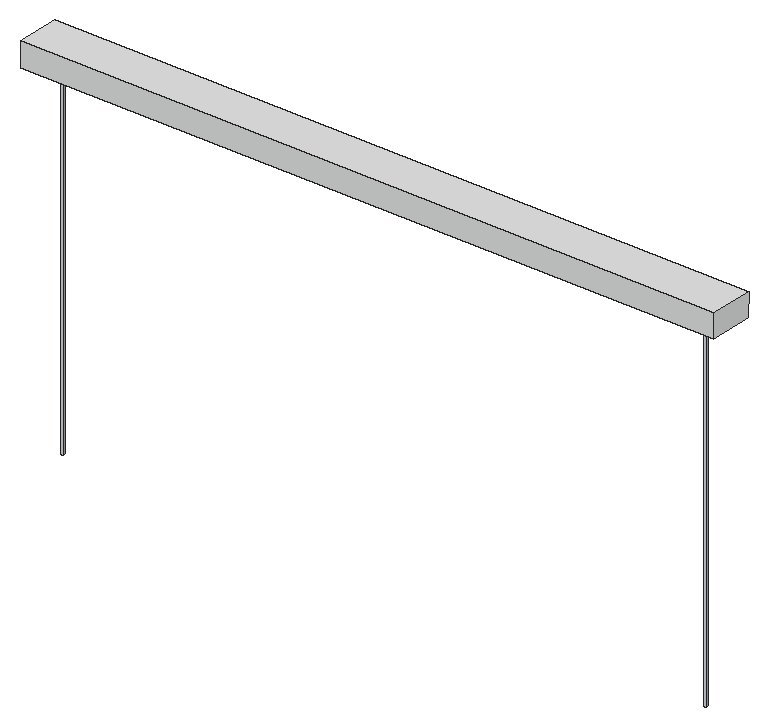
Revit family "Lighting-Suspended-Amerlux-Linea 1.5 ", category Lighting Fixtures, host Face, Revit 2019
Family settings
  Host = Face
  Round Connector Dimension = Use Diameter
  Part Type = Normal
  Cut with Voids When Loaded = No
  Light Source = Yes
  Shared = No
  Room Calculation Point = No
Parameters (values of type "Linea 1.5"")
  Width = 0' - 1 1/2"
  Wattage = 9.2903 W
  built-in parameter 1150110 = 1 (stored number, unit not read)
  Voltage = 0 V
  URL = "http://www.amerlux.com/"
  built-in parameter 1114217 = 1 (stored number, unit not read)
  Tilt Angle = -90.00°
  built-in parameter 1150109 = 1 (stored number, unit not read)
  built-in parameter 1150134 = 3
  Suspension Length [instance] = 1' - 0"
  built-in parameter 1150113 = 1 (stored number, unit not read)
  Right Cable [instance] = yes
  Power Factor = 1
  Photometric Web File = "Load File"
  Number of Poles = 1
  built-in parameter 1150142 = (empty or 0)
  Model = "Lin1.5"
  Manufacturer = "Amerlux"
  built-in parameter 1150105 = 109.82 (stored number, unit not read)
  Lumens = 1380 lm
  built-in parameter 1150115 = 1 (stored number, unit not read)
  built-in parameter 1150137 = (empty or 0)
  built-in parameter 1150139 = (empty or 0)
  Length = 2' - 0"
  Left Cable [instance] = yes
  built-in parameter 1150112 = 1 (stored number, unit not read)
  built-in parameter 1150114 = 1 (stored number, unit not read)
  built-in parameter 1150132 = (empty or 0)
  built-in parameter 1150102 = (empty or 0)
  built-in parameter 1150107 = 3200 (stored number, unit not read)
  built-in parameter 1150138 = (empty or 0)
  built-in parameter 1150106 = 1.0982 (stored number, unit not read)
  Fixture Finish = Aluminum Finish
  Emit from Line Length = Length  # 2' - 0"
  built-in parameter 1150104 = 13.8 (stored number, unit not read)
  Dimming Lamp Color Temperature Shift = <None>
  Description = "Linear Direct LED"
  Default Elevation = 4' - 0"
  Color Filter = 16777215
  built-in parameter 1114218 = 1 (stored number, unit not read)
  built-in parameter 1150133 = 10 (stored number, unit not read)
  Apparent Load = 0 VA
Reference planes (in)
  plane 1 "Center (Front/Back)": y = 0
  plane 2: z = 0
  plane 3 "Center (Left/Right)": x = 0
  plane 4: y = -0.75
  plane 5: y = 0.75
  plane 6: z = 12
  plane 7: x = -12
  plane 8: x = 12
  plane 9: x = -11.125
  plane 10: x = 11.125
Forms (in)
  Extrusion 1, solid, material "Aluminum Finish" <- "Fixture Finish"
    sketch origin (0, 0, 0) x (0, 1, 0) y (0, 0, 1)
      loop
        line (0.75, 12.8125) -> (-0.75, 12.8125) -> (-0.75, 12) -> (0.75, 12) -> (0.75, 12.8125)
    from -12 to 12
  Extrusion 2, solid
    sketch origin (0, 0, 0) x (1, 0, 0) y (0, 1, 0)
      loop
        circle (-11.125, 0) r 0.0476
    from 0 to 12
  Extrusion 3, solid
    sketch origin (0, 0, 0) x (-1, 0, 0) y (0, -1, 0)
      loop
        circle (-11.125, 0) r 0.0476
    from 0 to 12
Dimensions and locks (in)
  "Suspension Length": plane 6 to host face
  equal spacing: plane 5, plane 1 "Center (Front/Back)", plane 4
  "Width": plane 5 to plane 4
  equal spacing: plane 7, plane 3 "Center (Left/Right)", plane 8
  "Length": plane 7 to plane 8
  locked: Extrusion 1 sketch curve to Extrusion 1 sketch curve at 0.8125
  locked: imposter light to plane 6 at 0.8125
  locked: plane 7 to plane 9 at 0.875
  locked: plane 9 to Extrusion 2 sketch curve at 0.0476
  plane 10 to Extrusion 1 = 0' - 0 7/8"
  plane 10 to Extrusion 3 = 0' - 0.0476"
  aligned and locked: plane 2 to host face
  aligned and locked: level to host face
  aligned and locked: Extrusion 1 to plane 7
  aligned and locked: plane 5 to Extrusion 1 sketch curve
  aligned and locked: Extrusion 1 sketch curve to plane 6
  aligned and locked: Extrusion 1 sketch curve to plane 4
  aligned and locked: plane 6 to Extrusion 2
  aligned and locked: plane 8 to Extrusion 1
  aligned and locked: Extrusion 3 to Extrusion 1
Automatic sketch dimensions
  host sketch curve to host sketch curve = 8' - 0"  (x2)
  plane 1 "Center (Front/Back)" to Extrusion 2 sketch curve = 0' - 0"
  Extrusion 2 sketch curve to plane 9 = 0' - 0"
  plane 1 "Center (Front/Back)" to Extrusion 3 sketch curve = 0' - 0"
  plane 8 to Extrusion 3 sketch curve = 0' - 0 7/8"
  radius of Extrusion 3 sketch curve = 0' - 0.0476"
Connectors (in)
  electrical at (12, 0, 12.40625), driven by "Number of Poles", driven by "Voltage", driven by "Apparent Load", driven by "Power Factor"
    settings: on Extrusion 1, index 1, voltage 0 V, apparent load 0 VA, apparent load phase1 0 VA, apparent load phase2 0 VA, apparent load phase3 0 VA, power factor 1, load classification "Other", number of poles 1, system type 31, power factor state 1, is connector primary yes, connector utility no, sub classification motor no, connector description "Power"
